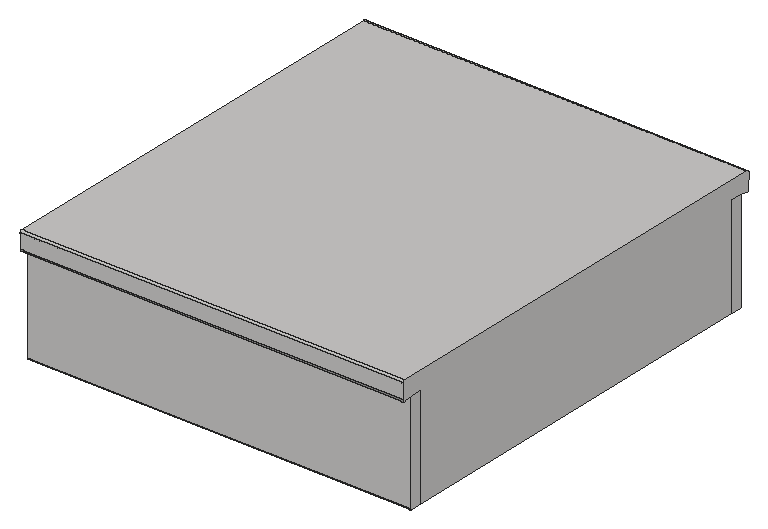
Revit family "QF_ELECTROLUXPROFESSIONAL_589164_MCNABAHOOO", category Specialty Equipment, Revit 2018
Family settings
  Round Connector Dimension = Use Diameter
  Part Type = Normal
  Work Plane-Based = No
  Always vertical = Yes
  Cut with Voids When Loaded = No
  Shared = No
  Room Calculation Point = No
Parameters
  Weight in Pounds = 66.13
  URL Cutsheet = "www.electrolux.com/professional"
  URL = "www.electrolux.com/professional"
  Type Mark [instance] = ""
  Status [instance] = ""
  Specification by User [instance] = ""
  Specification by Manufacturer = ""
  Serial Number = ""
  Seismic Rating = ""
  SMACNA No = ""
  Revision Code [instance] = ""
  Omniclass Number and Title = ""
  NAFEM Spec ID Number = ""
  Model = "589164"
  Masterspec = ""
  Manufacturer = "ELECTROLUX"
  Item Number [instance] = ""
  Installed By [instance] = ""
  Identify Quantity as Lot [instance] = yes
  Furnished By [instance] = ""
  Foodservice Equipment Identifier [instance] = yes
  Direct Waste Size = 0"
  Description = "WORK TOP,CLOSED,1-SIDE,800X900X250H"
  CSI MasterFormat = ""
  CSI Master Format = ""
Reference planes
  plane 1 "BACK": y = 0
  plane 2: z = 0
  plane 3 "LEFT": x = 0
  plane 4 "RIGHT": x = 800
  plane 5 "FRONT": y = -900
  plane 6 "TOP": z = 250
  plane 7 "Center Y": x = 400
  plane 8 "Center X": y = -450
Forms (mm)
  Extrusion 1, solid, material "QF_Finishes_Stainless Steel"
    sketch origin (0, 50.048, 0) x (0, 1, 0) y (0, 0, 1)
      loop
        line (-95.048, 213) -> (-71.412, 213) -> (-54.743, 210.061)
        arc (-54.743, 210.061) -> (-51.477, 210.936) -> (-50.048, 214) r 4
        line (-50.048, 214) -> (-50.048, 246)
        arc (-50.048, 246) -> (-51.22, 248.828) -> (-54.048, 250) r 4
        line (-54.048, 250) -> (-946.048, 250)
        arc (-946.048, 250) -> (-948.877, 248.828) -> (-950.048, 246) r 4
        line (-950.048, 246) -> (-950.048, 214)
        arc (-950.048, 214) -> (-948.619, 210.936) -> (-945.353, 210.061) r 4
        line (-945.353, 210.061) -> (-928.509, 213) -> (-905.048, 213) -> (-905.048, 0) -> (-95.048, 0) -> (-95.048, 213)
    from 0 to 800
  Extrusion 2, solid, material "QF_Finishes_Stainless Steel"
    sketch origin (0, 50.048, 0) x (0, 1, 0) y (0, 0, 1)
      loop
        arc (-928.048, 213) -> (-929.462, 212.414) -> (-930.048, 211) r 2
        line (-930.048, 211) -> (-930.048, 2)
        arc (-930.048, 2) -> (-929.462, 0.586) -> (-928.048, 0) r 2
        line (-928.048, 0) -> (-905.048, 0) -> (-905.048, 213) -> (-928.048, 213)
      loop
        line (-72.048, 213) -> (-95.048, 213) -> (-95.048, 0) -> (-72.048, 0)
        arc (-72.048, 0) -> (-70.634, 0.586) -> (-70.048, 2) r 2
        line (-70.048, 2) -> (-70.048, 211)
        arc (-70.048, 211) -> (-70.634, 212.414) -> (-72.048, 213) r 2
    from 0 to 800
Lines and regions (mm)
  symbolic lines
    curve 1: line (0, 0, 0) -> (800, 0, 0)
    curve 2: line (0, -900, 0) -> (0, 0, 0)
    curve 3: line (800, -900, 0) -> (0, -900, 0)
    curve 4: line (800, 0, 0) -> (800, -900, 0)
Dimensions and locks
  equal spacing: plane 3 "LEFT", plane 7 "Center Y", plane 4 "RIGHT"
  plane 3 "LEFT" to plane 4 "RIGHT" = 800.00 mm
  equal spacing: plane 5 "FRONT", plane 8 "Center X", plane 1 "BACK"
  plane 5 "FRONT" to plane 1 "BACK" = 900.00 mm
  plane 6 "TOP" to level = 250.00 mm
  aligned and locked: level to plane 2
  aligned and locked: Extrusion 1 to plane 4 "RIGHT"
  aligned and locked: Extrusion 2 to plane 4 "RIGHT"
Automatic sketch dimensions
  Extrusion 1 sketch curve to plane 6 "TOP" = 0.00 mm
  Extrusion 1 sketch curve to level = 0.00 mm
  Extrusion 1 sketch curve to plane 6 "TOP" = 36.00 mm
  plane 5 "FRONT" to Extrusion 1 sketch curve = 0.00 mm
  Extrusion 1 sketch curve to plane 6 "TOP" = 39.939 mm
  Extrusion 1 sketch curve to Extrusion 1 sketch curve = 4.00 mm
  Extrusion 1 sketch curve to Extrusion 1 sketch curve = 4.695 mm  (x2)
  Extrusion 1 sketch curve to Extrusion 1 sketch curve = 16.844 mm
  Extrusion 1 sketch curve to plane 5 "FRONT" = 45.00 mm
  plane 1 "BACK" to Extrusion 1 sketch curve = 45.00 mm
  Extrusion 1 sketch curve to Extrusion 1 sketch curve = 23.636 mm
  Extrusion 1 sketch curve to Extrusion 1 sketch curve = 17.364 mm
  Extrusion 1 sketch curve to Extrusion 1 sketch curve = 21.364 mm
  Extrusion 1 sketch curve to Extrusion 1 sketch curve = 0.00 mm  (x2)
  Extrusion 1 sketch curve to Extrusion 1 sketch curve = 0.695 mm
  Extrusion 1 sketch curve to plane 6 "TOP" = 37.00 mm  (x2)
  Extrusion 1 sketch curve to Extrusion 1 sketch curve = 1.00 mm
  Extrusion 2 sketch curve to level = 0.00 mm  (x2)
  level to Extrusion 2 sketch curve = 2.00 mm  (x2)
  Extrusion 2 sketch curve to plane 5 "FRONT" = 20.00 mm
  Extrusion 2 sketch curve to Extrusion 2 sketch curve = 2.00 mm
  Extrusion 2 sketch curve to Extrusion 2 sketch curve = 23.00 mm
  plane 1 "BACK" to Extrusion 2 sketch curve = 45.00 mm
  plane 1 "BACK" to Extrusion 2 sketch curve = 22.00 mm  (x2)
  Extrusion 2 sketch curve to plane 6 "TOP" = 39.00 mm  (x2)
  curve 3 to plane 3 "LEFT" = 0.00 mm
  curve 3 to plane 4 "RIGHT" = 0.00 mm
  plane 1 "BACK" to curve 2 = 0.00 mm
  curve 4 to plane 5 "FRONT" = 0.00 mm
